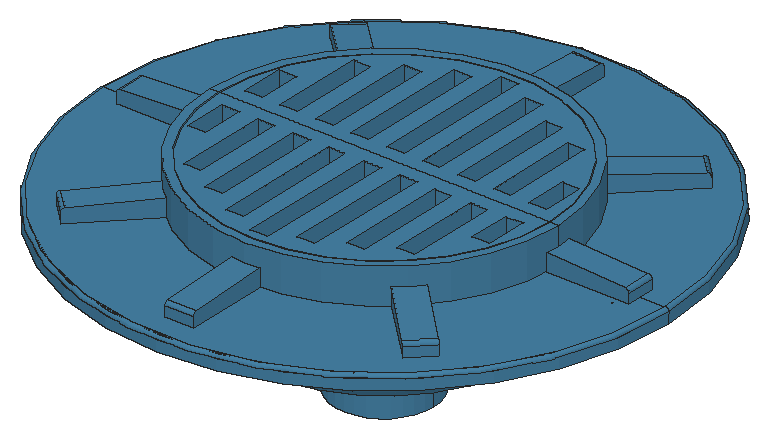
Revit family "Drain_Deck_Parking_Zurn-Z534-Heavy-Duty", category Plumbing Fixtures, Revit 2022
Family settings
  Round Connector Dimension = Use Radius
  Part Type = Normal
  OmniClass Number = 23.45.55.21
  OmniClass Title = Drains (Wastes)
  Work Plane-Based = No
  Always vertical = Yes
  Cut with Voids When Loaded = No
  Maintain Annotation Orientation = No
  Shared = No
  Room Calculation Point = No
Parameters (values of type "Load Family Catalog")
  ZN-Top = no
  Waste Connection = 1 = 1  # yes
  WFU = 0  # constant formula
  Vent Connection = 1 = 0  # no
  URL = "www.zurn.com"
  Type Comments = "Z534-3 Inch Inside Caulk Outlet"
  Trap Primer = 1 = 1  # yes
  Top diameter = 12.250"
  Top Grate diameter = Top diameter - 1.000"  # 11.250"
  Grate Open Area (Sq. In) = "30"
  Grate Material = Iron - Zurn - Cast - Painted - Blue
  Product data url = "https://www.bimobject.com/en-in/zurnindustries/product/zurn-z534"
  Product Page URL = "https://www.zurn.com/products/drainage-interceptors/floor-drains/parking-deck/z534"
  Product Installation Sheet URL = "https://files.zurn.com/care-cleaning-install-warranty-sheets/fd20-(1).pdf"
  Product Documentation Link = "https://files.zurn.com/spec-sheets/z534.pdf"
  Frame Height = 2.188"
  Connector Radius = [A_ Pipe Size (Nominal)] / 2  # 1.500"
  Model = "Z534-3IC"
  Main Material = Iron - Zurn - Cast - Painted - Blue
  HWFU = 0  # constant formula
  HW Connection = 1 = 0  # no
  Description = "12-1/4 [311] DIAMETER HEAVY-DUTY PARKING DECK DRAIN WITH SUPPORT FLANGE"  # constant formula
  CWFU = 0  # constant formula
  CW Connection = 1 = 0  # no
  Assembly Code = "D2030300"
  A_ Pipe Size (Nominal) = 3.000"
  A_ Pipe Size (Actual-Outer) = 3.500"
  A_ Pipe Size (Actual-Inner) = 3.068"
  Modified Date = "12/08/2025"  # constant formula
  Manufacurer Brand = "Zurn"  # constant formula
  Manufacturer = "Zurn Water, LLC"  # constant formula
  E_ Body Height = 5.250"
  Default Elevation = 4.000"  # constant formula
  Date Created = "01/05/2017"  # constant formula
  Approx. Weight (Lbs) = 78.000"
Reference planes (in)
  plane 1 "Center (Front/Back)": y = 0
  plane 2 "Top Level": z = -2.188
  plane 3 "Center (Left/Right)": x = 0
  plane 4: through (-4.38902, 4.38902, 48) normal (0.7071, 0.7071, 0)
  plane 5: through (4.7432, 4.7432, 48) normal (0.7071, -0.7071, 0)
  plane 6: x = -7.5
  plane 7: x = 7.5
  plane 8: x = -6.125
  plane 9: x = 6.125
  plane 10: x = -5.8125
  plane 11: x = 5.8125
  plane 12: x = -5.6875
  plane 13: x = 5.6875
  plane 14: z = -0.313
  plane 15: z = -0.813
  plane 16: x = -7.25
  plane 17: x = 7.25
  plane 18: x = -6
  plane 19: x = -1.75
  plane 20: x = 1.75
  plane 21: x = -1.534
  plane 22: x = 1.534
  plane 23: z = -4.7505
  plane 24: z = -5.0005
  plane 25: x = -5.4375
  plane 26: z = -7.438
  plane 27: z = -2.438
  plane 28: z = -0.188
  plane 29: y = 0.5
  plane 30: y = 5.5
  plane 31: y = 5
  plane 32: y = 3.75
  plane 33: y = 2
  plane 34: y = 4.375
  plane 35: y = -0.5
  plane 36: y = -3.75
  plane 37: y = -4.375
  plane 38: y = -5.5
  plane 39: y = -5
  plane 40: y = -2
  plane 41: x = -0.3125
  plane 42: x = -0.9375
  plane 43: x = -1.5625
  plane 44: x = -2.1875
  plane 45: x = -2.8125
  plane 46: x = -3.4375
  plane 47: x = -4.0625
  plane 48: x = -4.6875
  plane 49: x = -5.3125
  plane 50: x = 0.3125
  plane 51: x = 0.9375
  plane 52: x = 1.5625
  plane 53: x = 2.1875
  plane 54: x = 2.8125
  plane 55: x = 3.4375
  plane 56: x = 4.0625
  plane 57: x = 4.6875
  plane 58: x = 5.3125
  plane 59: y = 1.75
  plane 60: y = -1.75
  plane 61: x = -6.125
  plane 62: x = 6.125
  plane 63: y = 6.125
  plane 64: y = -6.125
  plane 65: x = -10
  plane 66: x = 10
  plane 67: x = -9
  plane 68: x = 9
  plane 69: x = -8
  plane 70: x = 8
  plane 71: z = -1.438
  plane 72: z = -1.938
Forms (in)
  Revolve 1, solid, material "Iron - Zurn - Cast - Painted - Blue" <- "Main Material", detail levels fine
    sketch origin (0, 0, 0) x (1, 0, 0) y (0, 0, 1)
      loop
        line (-7.5, -2.188) -> (-7.5, -2.438) -> (-7.27407, -2.438) -> (-6.12272, -2.6618)
        arc (-6.12272, -2.6618) -> (-5.77751, -2.85711) -> (-5.61935, -3.22085) r 0.625
        line (-5.61935, -3.22085) -> (-5.54351, -4.08766)
        arc (-5.54351, -4.08766) -> (-5.22291, -4.73778) -> (-4.54732, -5.0005) r 1
        line (-4.54732, -5.0005) -> (-2.25, -5.0005)
        arc (-2.25, -5.0005) -> (-1.89645, -5.14695) -> (-1.75, -5.5005) r 0.5
        line (-1.75, -5.5005) -> (-1.75, -7.438) -> (-1.534, -7.438) -> (-1.534, -4.7505) -> (-4.54732, -4.7505)
        arc (-4.54732, -4.7505) -> (-5.05401, -4.55346) -> (-5.29447, -4.06587) r 0.75
        line (-5.29447, -4.06587) -> (-5.4375, -2.43098) -> (-6, -2.43098) -> (-7.25, -2.188) -> (-7.5, -2.188)
      axis (0, -7.438) -> (0, -2.188)
    angle from 0 to 360
  Revolve 2, solid, material "Iron - Zurn - Cast - Painted - Blue" <- "Main Material", detail levels fine
    sketch origin (0, 0, 0) x (1, 0, 0) y (0, 0, 1)
      loop
        line (-6.125, -0.188) -> (-6.125, -1.438) -> (-9.875, -1.438)
        arc (-9.875, -1.438) -> (-9.96339, -1.47461) -> (-10, -1.563) r 0.125
        line (-10, -1.563) -> (-10, -1.938) -> (-8.1, -1.938)
        arc (-8.1, -1.938) -> (-8.02929, -1.96729) -> (-8, -2.038) r 0.1
        line (-8, -2.038) -> (-8, -2.088)
        arc (-8, -2.088) -> (-7.97071, -2.15871) -> (-7.9, -2.188) r 0.1
        line (-7.9, -2.188) -> (-6.125, -2.188) -> (-6.125, -2.438) -> (-5.3125, -2.438) -> (-5.3125, -1.438) -> (-5.8125, -1.438) -> (-5.8125, -0.188) -> (-6.125, -0.188)
      axis (0, -0.188) -> (0, -2.438)
    angle from 0 to 360
  Revolve 3, solid, material "Iron - Zurn - Cast - Painted - Blue" <- "Grate Material", detail levels fine
    sketch origin (0, 0, 0) x (1, 0, 0) y (0, 0, 1)
      loop
        line (0, -0.188) -> (0, -0.813) -> (5.8125, -0.813) -> (5.8125, -0.188) -> (0, -0.188)
      axis (0, -0.188) -> (0, -0.813)
    angle from 0 to 360
  Revolve 4, solid, material "Iron - Zurn - Cast - Painted - Blue" <- "Grate Material", visible <- "ZN-Top", detail levels fine
    sketch origin (0, 0, 0) x (1, 0, 0) y (0, 0, 1)
      loop
        line (0, -0.188) -> (6.125, -0.188) -> (6.125, -0.813) -> (6.5, -0.813) -> (6.5, -0.0005) -> (0, -0.0005) -> (0, -0.188)
      axis (0, -0.0005) -> (0, -0.813)
    angle from 0 to 360
  Extrusion 5, void
    sketch origin (0, 0, -2.188) x (1, 0, 0) y (0, 1, 0)
      loop
        line (-0.3125, 5.5) -> (-0.3125, 0.5) -> (0.3125, 0.5) -> (0.3125, 5.5) -> (-0.3125, 5.5)
      loop
        line (2.1875, 4.375) -> (2.1875, 0.5) -> (2.8125, 0.5) -> (2.8125, 4.375) -> (2.1875, 4.375)
      loop
        line (3.4375, 3.75) -> (3.4375, 0.5) -> (4.0625, 0.5) -> (4.0625, 3.75) -> (3.4375, 3.75)
      loop
        line (4.6875, 2) -> (4.6875, 0.5) -> (5.3125, 0.5) -> (5.3125, 2) -> (4.6875, 2)
      loop
        line (-2.8125, 4.375) -> (-2.8125, 0.5) -> (-2.1875, 0.5) -> (-2.1875, 4.375) -> (-2.8125, 4.375)
      loop
        line (-4.0625, 3.75) -> (-4.0625, 0.5) -> (-3.4375, 0.5) -> (-3.4375, 3.75) -> (-4.0625, 3.75)
      loop
        line (-5.3125, 2) -> (-5.3125, 0.5) -> (-4.6875, 0.5) -> (-4.6875, 2) -> (-5.3125, 2)
      loop
        line (-1.5625, 5) -> (-1.5625, 0.5) -> (-0.9375, 0.5) -> (-0.9375, 5) -> (-1.5625, 5)
      loop
        line (0.9375, 5) -> (0.9375, 0.5) -> (1.5625, 0.5) -> (1.5625, 5) -> (0.9375, 5)
      loop
        line (-5.3125, -0.5) -> (-5.3125, -2) -> (-4.6875, -2) -> (-4.6875, -0.5) -> (-5.3125, -0.5)
      loop
        line (-4.0625, -0.5) -> (-4.0625, -3.75) -> (-3.4375, -3.75) -> (-3.4375, -0.5) -> (-4.0625, -0.5)
      loop
        line (-2.8125, -0.5) -> (-2.8125, -4.375) -> (-2.1875, -4.375) -> (-2.1875, -0.5) -> (-2.8125, -0.5)
      loop
        line (-1.5625, -0.5) -> (-1.5625, -5) -> (-0.9375, -5) -> (-0.9375, -0.5) -> (-1.5625, -0.5)
      loop
        line (-0.3125, -0.5) -> (-0.3125, -5.5) -> (0.3125, -5.5) -> (0.3125, -0.5) -> (-0.3125, -0.5)
      loop
        line (0.9375, -0.5) -> (0.9375, -5) -> (1.5625, -5) -> (1.5625, -0.5) -> (0.9375, -0.5)
      loop
        line (2.1875, -0.5) -> (2.1875, -4.375) -> (2.8125, -4.375) -> (2.8125, -0.5) -> (2.1875, -0.5)
      loop
        line (3.4375, -0.5) -> (3.4375, -3.75) -> (4.0625, -3.75) -> (4.0625, -0.5) -> (3.4375, -0.5)
      loop
        line (4.6875, -0.5) -> (4.6875, -2) -> (5.3125, -2) -> (5.3125, -0.5) -> (4.6875, -0.5)
    from 1.375 to 2.1875
  Extrusion 6, solid, material "Iron - Zurn - Cast - Painted - Blue" <- "Main Material", visible <- "Waste Connection", detail levels fine
    sketch origin (0, 0, 0) x (1, 0, 0) y (0, 0, 1)
      loop
        line (5.8125, -0.813) -> (5.8125, -1.438) -> (9, -1.438) -> (9, -1.09908)
        arc (9, -1.09908) -> (8.96397, -1.00889) -> (8.87573, -0.96834) r 0.1309
        line (8.87573, -0.96834) -> (5.8125, -0.813)
    from -0.5 to 0.5
  Extrusion 7, solid, material "Iron - Zurn - Cast - Painted - Blue" <- "Main Material", visible <- "Waste Connection", detail levels fine
    sketch origin (0, 0, 0) x (0.707107, -0.707107, 0) y (0, 0, 1)
      loop
        line (5.8125, -0.813) -> (5.8125, -1.438) -> (9, -1.438) -> (9, -1.09908)
        arc (9, -1.09908) -> (8.96397, -1.00889) -> (8.87573, -0.96834) r 0.1309
        line (8.87573, -0.96834) -> (5.8125, -0.813)
    from -0.5 to 0.5
  Extrusion 8, solid, material "Iron - Zurn - Cast - Painted - Blue" <- "Main Material", visible <- "Waste Connection", detail levels fine
    sketch origin (0, 0, 0) x (0.707107, 0.707107, 0) y (0, 0, 1)
      loop
        line (5.8125, -0.813) -> (5.8125, -1.438) -> (9, -1.438) -> (9, -1.09908)
        arc (9, -1.09908) -> (8.96397, -1.00889) -> (8.87573, -0.96834) r 0.1309
        line (8.87573, -0.96834) -> (5.8125, -0.813)
    from -0.5 to 0.5
  Extrusion 9, solid, material "Iron - Zurn - Cast - Painted - Blue" <- "Main Material", visible <- "Waste Connection", detail levels fine
    sketch origin (0, 0, 0) x (0, 1, 0) y (0, 0, 1)
      loop
        line (5.8125, -0.813) -> (5.8125, -1.438) -> (9, -1.438) -> (9, -1.09908)
        arc (9, -1.09908) -> (8.96397, -1.00889) -> (8.87573, -0.96834) r 0.1309
        line (8.87573, -0.96834) -> (5.8125, -0.813)
    from -0.5 to 0.5
  Extrusion 10, solid, material "Iron - Zurn - Cast - Painted - Blue" <- "Main Material", visible <- "Waste Connection", detail levels fine
    sketch origin (0, 0, 0) x (-0.707107, 0.707107, 0) y (0, 0, 1)
      loop
        line (5.8125, -0.813) -> (5.8125, -1.438) -> (9, -1.438) -> (9, -1.09908)
        arc (9, -1.09908) -> (8.96397, -1.00889) -> (8.87573, -0.96834) r 0.1309
        line (8.87573, -0.96834) -> (5.8125, -0.813)
    from -0.5 to 0.5
  Extrusion 11, solid, material "Iron - Zurn - Cast - Painted - Blue" <- "Main Material", visible <- "Waste Connection", detail levels fine
    sketch origin (0, 0, 0) x (-1, 0, 0) y (0, 0, 1)
      loop
        line (5.8125, -0.813) -> (5.8125, -1.438) -> (9, -1.438) -> (9, -1.09908)
        arc (9, -1.09908) -> (8.96397, -1.00889) -> (8.87573, -0.96834) r 0.1309
        line (8.87573, -0.96834) -> (5.8125, -0.813)
    from -0.5 to 0.5
  Extrusion 12, solid, material "Iron - Zurn - Cast - Painted - Blue" <- "Main Material", visible <- "Waste Connection", detail levels fine
    sketch origin (0, 0, 0) x (-0.707107, -0.707107, 0) y (0, 0, 1)
      loop
        line (5.8125, -0.813) -> (5.8125, -1.438) -> (9, -1.438) -> (9, -1.09908)
        arc (9, -1.09908) -> (8.96397, -1.00889) -> (8.87573, -0.96834) r 0.1309
        line (8.87573, -0.96834) -> (5.8125, -0.813)
    from -0.5 to 0.5
  Extrusion 13, solid, material "Iron - Zurn - Cast - Painted - Blue" <- "Main Material", visible <- "Waste Connection", detail levels fine
    sketch origin (0, 0, 0) x (0, -1, 0) y (0, 0, 1)
      loop
        line (5.8125, -0.813) -> (5.8125, -1.438) -> (9, -1.438) -> (9, -1.09908)
        arc (9, -1.09908) -> (8.96397, -1.00889) -> (8.87573, -0.96834) r 0.1309
        line (8.87573, -0.96834) -> (5.8125, -0.813)
    from -0.5 to 0.5
Cuts and joins
  Extrusion 5 cuts Revolve 2
  Extrusion 5 cuts Revolve 3
  Extrusion 5 cuts Revolve 4
Lines and regions (in)
  Masking region 1, detail levels fine
    outline origin (0, 0, -2.188) x (1, 0, 0) y (0, 1, 0)
      loop
        circle (0, 0) r 10
  model lines, detail levels coarse+medium
    curve 1: line (0, 0, 0) -> (0, 0, -7.438)
    curve 2: line (-1.75, 0, -7.438) -> (1.75, 0, -7.438)
    curve 3: line (0, 1.75, -7.438) -> (0, -1.75, -7.438)
    curve 4: circle (0, 0, 0) r 5.625 normal (0, 0, 1)
    curve 5: line (-4.6875, 3.10934, 0) -> (-4.6875, -3.10934, 0)
    curve 6: line (-3.4375, 4.45244, 0) -> (-3.4375, -4.45244, 0)
    curve 7: line (-2.1875, 5.18223, 0) -> (-2.1875, -5.18223, 0)
    curve 8: line (0, 5.625, 0) -> (0, -5.625, 0)
    curve 9: line (4.6875, 3.10934, 0) -> (4.6875, -3.10934, 0)
    curve 10: line (3.4375, 4.45244, 0) -> (3.4375, -4.45244, 0)
    curve 11: line (2.1875, -5.18223, 0) -> (2.1875, 5.18223, 0)
    curve 12: line (0.9375, 5.54632, 0) -> (0.9375, -5.54632, 0)
    curve 13: line (-0.9375, 5.54632, 0) -> (-0.9375, -5.54632, 0)
    curve 14: line (-2.57694, 5, 0) -> (2.57694, 5, 0)
    curve 15: line (-4.19263, 3.75, 0) -> (4.19263, 3.75, 0)
    curve 16: line (-5.25744, 2, 0) -> (5.25744, 2, 0)
    curve 17: line (-5.625, 0, 0) -> (5.625, 0, 0)
    curve 18: line (-5.5354, 1, 0) -> (5.5354, 1, 0)
    curve 19: line (-4.83477, 2.875, 0) -> (4.83477, 2.875, 0)
    curve 20: line (-5.5354, -1, 0) -> (5.5354, -1, 0)
    curve 21: line (-5.25744, -2, 0) -> (5.25744, -2, 0)
    curve 22: line (-4.83477, -2.875, 0) -> (4.83477, -2.875, 0)
    curve 23: line (-4.19263, -3.75, 0) -> (4.19263, -3.75, 0)
    curve 24: line (-2.57694, -5, 0) -> (2.57694, -5, 0)
    curve 25: circle (0, 0, 0) r 6.125 normal (0, 0, 1)
Dimensions and locks (in)
  locked: plane 3 "Center (Left/Right)" to plane 4
  locked: plane 5 to plane 4
  level to plane 2 "Top Level" = 2.188"
  equal spacing: plane 7, plane 3 "Center (Left/Right)", plane 6, locked at 7.5 each
  locked: plane 7 to plane 6 at 15
  equal spacing: plane 9, plane 3 "Center (Left/Right)", plane 8, locked at 6.125 each
  locked: plane 9 to plane 8 at 12.25
  locked: plane 10 to plane 8 at 0.3125
  locked: plane 9 to plane 11 at 0.3125
  locked: plane 12 to plane 8 at 0.4375
  locked: plane 9 to plane 13 at 0.4375
  locked: plane 16 to plane 6 at 0.25
  locked: plane 7 to plane 17 at 0.25
  locked: plane 18 to plane 6 at 1.5
  equal spacing: plane 19, plane 3 "Center (Left/Right)", plane 20
  "A_ Pipe Size (Actual-Outer)": plane 19 to plane 20
  equal spacing: plane 22, plane 3 "Center (Left/Right)", plane 21
  "A_ Pipe Size (Actual-Inner)": plane 22 to plane 21
  locked: plane 2 "Top Level" to plane 23 at 2.5625
  locked: plane 23 to plane 24 at 0.25
  locked: plane 25 to plane 6 at 2.0625
  "E_ Body Height": plane 2 "Top Level" to plane 26
  locked: plane 2 "Top Level" to plane 27 at 0.25
  locked: Revolve 1 sketch curve to Revolve 1 sketch curve at 0.25  (x2)
  locked: plane 3 "Center (Left/Right)" to Revolve 1 sketch curve at 6.24197
  locked: plane 2 "Top Level" to Revolve 1 sketch curve at 1.08732
  plane 25 to Revolve 1 sketch curve = 0.89018"
  Revolve 1 sketch curve to plane 24 = 1.000"
  locked: Revolve 1 sketch curve to plane 19 at 0.5
  locked: plane 24 to Revolve 1 sketch curve at 0.5
  locked: plane 28 to plane 14 at 0.125
  locked: plane 28 to plane 15 at 0.625
  locked: plane 28 to plane 2 "Top Level" at 2
  locked: Revolve 4 sketch curve to plane 9 at 0.375
  locked: Revolve 4 sketch curve to plane 28 at 0.1875
  "Frame Height": level to plane 2 "Top Level"
  locked: plane 1 "Center (Front/Back)" to plane 29 at 0.5
  locked: plane 30 to plane 1 "Center (Front/Back)" at 5.5
  plane 30 to plane 31 = 0.500"
  locked: plane 32 to plane 33 at 1.75
  locked: plane 34 to plane 31 at 0.625
  plane 40 to plane 36 = 1.750"
  plane 36 to plane 37 to plane 39 to plane 38 = 0.625" locked, 0.625" locked, 0.500" locked
  locked: plane 38 to plane 1 "Center (Front/Back)" at 5.5
  locked: plane 1 "Center (Front/Back)" to plane 35 at 0.5
  plane 46 to plane 45 to plane 44 to plane 43 to plane 42 to plane 41 = 0.625" locked, 0.625" locked, 0.625" locked, 0.625" locked, 0.625" locked
  locked: plane 41 to plane 3 "Center (Left/Right)" at 0.3125
  plane 49 to plane 48 to plane 47 to plane 46 = 0.625" locked, 0.625" locked, 0.625" locked
  plane 55 to plane 54 to plane 53 to plane 52 to plane 51 to plane 50 = 0.625" locked, 0.625" locked, 0.625" locked, 0.625" locked, 0.625" locked
  plane 58 to plane 57 to plane 56 to plane 55 = 0.625" locked, 0.625" locked, 0.625" locked
  locked: plane 41 to plane 50 at 0.625
  locked: plane 34 to plane 32 at 0.625
  "A_ Pipe Size (Actual-Outer)": plane 59 to plane 60
  equal spacing: plane 59, plane 1 "Center (Front/Back)", plane 60
  "Top diameter": plane 62 to plane 61
  equal spacing: plane 62, plane 3 "Center (Left/Right)", plane 61
  "Top diameter": plane 63 to plane 64
  equal spacing: plane 63, plane 1 "Center (Front/Back)", plane 64
  locked: plane 1 "Center (Front/Back)" to curve 18 at 1
  locked: curve 19 to plane 33 at 0.875
  locked: curve 20 to plane 1 "Center (Front/Back)" at 1
  locked: curve 22 to plane 40 at 0.875
  equal spacing: plane 66, plane 3 "Center (Left/Right)", plane 65
  locked: plane 66 to plane 65 at 20
  locked: plane 67 to plane 65 at 1
  locked: plane 66 to plane 68 at 1
  locked: plane 69 to plane 67 at 1
  locked: plane 68 to plane 70 at 1
  locked: plane 72 to plane 2 "Top Level" at 0.25
  plane 71 to plane 72 = 0.500"
  radius of Revolve 1 sketch curve = 0.625"
  radius of Revolve 1 sketch curve = 0.750"
  radius of Revolve 1 sketch curve = 1.000"  (x2)
  radius of Revolve 1 sketch curve = 0.500"
  diameter of Masking region 1 sketch curve = 20.000"
  "Top diameter": diameter of curve 25
  "Top Grate diameter": diameter of curve 4
  angle Revolve 1 sketch curve to Revolve 1 sketch curve = 95.00°
  angle Revolve 1 sketch curve to plane 2 "Top Level" = 11.00°
  aligned and locked: Revolve 1 sketch curve to plane 6
  aligned and locked: plane 16 to Revolve 1 sketch curve
  aligned and locked: Revolve 1 sketch curve to plane 2 "Top Level"
  aligned and locked: Revolve 1 sketch curve to plane 23
  aligned and locked: Revolve 1 sketch curve to plane 19
  aligned and locked: Revolve 1 sketch curve to plane 21
  aligned and locked: plane 23 to Revolve 1 sketch curve
  aligned and locked: plane 3 "Center (Left/Right)" to Revolve 1 sketch curve
  aligned and locked: plane 26 to Revolve 1 sketch curve
  aligned and locked: Revolve 1 sketch curve to plane 27
  aligned and locked: plane 18 to Revolve 1 sketch curve
  aligned and locked: plane 25 to Revolve 1 sketch curve
  aligned and locked: plane 8 to Revolve 2 sketch curve
  aligned and locked: Revolve 2 sketch curve to plane 10
  aligned and locked: Revolve 2 sketch curve to plane 28
  aligned and locked: level to Revolve 2 sketch curve
  aligned and locked: Revolve 2 sketch curve to Revolve 1
  aligned and locked: Revolve 2 sketch curve to plane 3 "Center (Left/Right)"
  aligned and locked: Revolve 3 sketch curve to plane 3 "Center (Left/Right)"  (x2)
  aligned and locked: Revolve 3 sketch curve to plane 15
  aligned and locked: plane 11 to Revolve 3 sketch curve
  aligned and locked: plane 28 to Revolve 3 sketch curve
  aligned and locked: level to Revolve 3 sketch curve
  aligned and locked: Revolve 3 sketch curve to Revolve 1
  aligned and locked: Revolve 4 sketch curve to plane 15
  aligned and locked: Revolve 4 sketch curve to plane 3 "Center (Left/Right)"  (x2)
  aligned and locked: Revolve 4 sketch curve to plane 28
  aligned and locked: Revolve 4 sketch curve to plane 9
  aligned and locked: level to Revolve 4 sketch curve
  aligned and locked: Revolve 4 sketch curve to Revolve 1
  aligned and locked: plane 29 to Extrusion 5 sketch curve  (x9)
  aligned and locked: plane 49 to Extrusion 5 sketch curve  (x2)
  aligned and locked: plane 48 to Extrusion 5 sketch curve  (x2)
  aligned and locked: Extrusion 5 sketch curve to plane 33  (x2)
  aligned and locked: plane 47 to Extrusion 5 sketch curve  (x2)
  aligned and locked: Extrusion 5 sketch curve to plane 46  (x2)
  aligned and locked: Extrusion 5 sketch curve to plane 32  (x2)
  aligned and locked: Extrusion 5 sketch curve to plane 45  (x2)
  aligned and locked: Extrusion 5 sketch curve to plane 44  (x2)
  aligned and locked: plane 34 to Extrusion 5 sketch curve  (x2)
  aligned and locked: Extrusion 5 sketch curve to plane 30
  aligned and locked: plane 41 to Extrusion 5 sketch curve  (x2)
  aligned and locked: plane 50 to Extrusion 5 sketch curve  (x2)
  aligned and locked: Extrusion 5 sketch curve to plane 53  (x2)
  aligned and locked: Extrusion 5 sketch curve to plane 54  (x2)
  aligned and locked: Extrusion 5 sketch curve to plane 55  (x2)
  aligned and locked: plane 56 to Extrusion 5 sketch curve  (x2)
  aligned and locked: plane 57 to Extrusion 5 sketch curve  (x2)
  aligned and locked: plane 58 to Extrusion 5 sketch curve  (x2)
  aligned and locked: Extrusion 5 sketch curve to plane 43  (x2)
  aligned and locked: Extrusion 5 sketch curve to plane 42  (x2)
  aligned and locked: Extrusion 5 sketch curve to plane 31  (x2)
  aligned and locked: Extrusion 5 sketch curve to plane 51  (x2)
  aligned and locked: Extrusion 5 sketch curve to plane 52  (x2)
  aligned and locked: Extrusion 5 sketch curve to plane 35  (x9)
  aligned and locked: Extrusion 5 sketch curve to plane 40  (x2)
  aligned and locked: plane 36 to Extrusion 5 sketch curve  (x2)
  aligned and locked: plane 37 to Extrusion 5 sketch curve  (x2)
  aligned and locked: Extrusion 5 sketch curve to plane 39  (x2)
  aligned and locked: Extrusion 5 sketch curve to plane 38
  aligned and locked: Extrusion 5 to plane 15
  aligned and locked: cut or joined group of Revolve 4, Extrusion 5 to Extrusion 5
  aligned and locked: plane 19 to curve 2
  aligned and locked: plane 20 to curve 2
  aligned and locked: curve 2 to plane 26
  aligned and locked: level to curve 1
  aligned and locked: plane 26 to curve 1
  aligned and locked: curve 1 to plane 3 "Center (Left/Right)"
  aligned and locked: curve 3 to plane 59
  aligned and locked: plane 60 to curve 3
  aligned and locked: curve 3 to plane 26
  aligned and locked: plane 1 "Center (Front/Back)" to Masking region 1 sketch curve
  aligned and locked: plane 3 "Center (Left/Right)" to Masking region 1 sketch curve
  aligned and locked: plane 48 to curve 5
  aligned and locked: curve 6 to plane 46
  aligned and locked: curve 7 to plane 44
  aligned and locked: curve 8 to plane 3 "Center (Left/Right)"
  aligned and locked: curve 9 to plane 57
  aligned and locked: plane 55 to curve 10
  aligned and locked: curve 11 to plane 53
  aligned and locked: plane 51 to curve 12
  aligned and locked: curve 13 to plane 42
  aligned and locked: curve 14 to plane 31
  aligned and locked: curve 15 to plane 32
  aligned and locked: curve 16 to plane 33
  aligned and locked: plane 1 "Center (Front/Back)" to curve 17
  aligned and locked: plane 40 to curve 21
  aligned and locked: curve 23 to plane 36
  aligned and locked: plane 39 to curve 24
  aligned and locked: Revolve 2 sketch curve to plane 71  (x2)
  aligned and locked: plane 65 to Revolve 2 sketch curve
  aligned and locked: Revolve 2 sketch curve to plane 49
  aligned and locked: Revolve 2 sketch curve to plane 2 "Top Level"
  aligned and locked: Revolve 2 sketch curve to plane 69
  aligned and locked: Revolve 2 sketch curve to plane 61
  aligned and locked: Revolve 2 sketch curve to plane 27
  aligned and locked: Extrusion 6 to plane 29
  aligned and locked: Extrusion 6 to plane 35
  aligned and locked: plane 1 "Center (Front/Back)" to curve 25
  aligned and locked: plane 3 "Center (Left/Right)" to curve 25
Automatic sketch dimensions
  Revolve 1 sketch curve to level = 0.000"
  Revolve 1 sketch curve to plane 26 = 1.42324"
  Revolve 2 sketch curve to plane 72 = 0.000"
  plane 65 to Revolve 2 sketch curve = 0.125"
  Revolve 2 sketch curve to Revolve 2 sketch curve = 0.100"
  plane 69 to Revolve 2 sketch curve = 0.100"
  Extrusion 6 sketch curve to Extrusion 6 sketch curve = 0.00663"
  Extrusion 6 sketch curve to Extrusion 6 sketch curve = 3.0566"
  Extrusion 6 sketch curve to Extrusion 6 sketch curve = 0.33892"
  Extrusion 7 sketch curve to Extrusion 7 sketch curve = 0.00663"
  Extrusion 7 sketch curve to Extrusion 7 sketch curve = 3.0566"
  Extrusion 7 sketch curve to Extrusion 7 sketch curve = 0.33892"
  Extrusion 8 sketch curve to Extrusion 8 sketch curve = 0.00663"
  Extrusion 8 sketch curve to Extrusion 8 sketch curve = 3.0566"
  Extrusion 8 sketch curve to Extrusion 8 sketch curve = 0.33892"
  Extrusion 9 sketch curve to Extrusion 9 sketch curve = 0.00663"
  Extrusion 9 sketch curve to Extrusion 9 sketch curve = 3.0566"
  Extrusion 9 sketch curve to Extrusion 9 sketch curve = 0.33892"
  Extrusion 10 sketch curve to Extrusion 10 sketch curve = 0.00663"
  Extrusion 10 sketch curve to Extrusion 10 sketch curve = 3.0566"
  Extrusion 10 sketch curve to Extrusion 10 sketch curve = 0.33892"
  Extrusion 11 sketch curve to Extrusion 11 sketch curve = 0.00663"
  Extrusion 11 sketch curve to Extrusion 11 sketch curve = 3.0566"
  Extrusion 11 sketch curve to Extrusion 11 sketch curve = 0.33892"
  Extrusion 12 sketch curve to Extrusion 12 sketch curve = 0.00663"
  Extrusion 12 sketch curve to Extrusion 12 sketch curve = 3.0566"
  Extrusion 12 sketch curve to Extrusion 12 sketch curve = 0.33892"
  Extrusion 13 sketch curve to Extrusion 13 sketch curve = 0.00663"
  Extrusion 13 sketch curve to Extrusion 13 sketch curve = 3.0566"
  Extrusion 13 sketch curve to Extrusion 13 sketch curve = 0.33892"
  Extrusion 6 sketch curve to Extrusion 6 sketch curve = 0.1309"
  Extrusion 7 sketch curve to Extrusion 7 sketch curve = 0.1309"
  Extrusion 8 sketch curve to Extrusion 8 sketch curve = 0.1309"
  Extrusion 9 sketch curve to Extrusion 9 sketch curve = 0.1309"
  Extrusion 10 sketch curve to Extrusion 10 sketch curve = 0.1309"
  Extrusion 11 sketch curve to Extrusion 11 sketch curve = 0.1309"
  Extrusion 12 sketch curve to Extrusion 12 sketch curve = 0.1309"
  Extrusion 13 sketch curve to Extrusion 13 sketch curve = 0.1309"
  curve 4 to curve 25 = 0.000"  (x2)
Connectors (in)
  piping at (0, 0, -7.438), diameter 3, driven by "Connector Radius", driven by "Waste Connection"
    settings: on Revolve 1, index 1, connector inside diameter 24", connector length 0.000", flow factor 0, pipe flow 0 GPM, pressure drop 0.00 psi, fitting loss kfactor 0, connector angle 0.00°, fixture units 0, engagement length 0.000", angle of deflection 0.00°, flow configuration 0, flow direction 2, fitting loss method 0, system type 16, joint type 0, gender type 0, connector reference index -1, connector utility 1, adjustable connector no, is connector primary yes, connector description "Sanitary Outlet"
Types in the file's own list only (48): name | ZN-Top | Type Comments | Top diameter | Top Grate diameter | Grate Material | Frame Height | Connector Radius | Model | A_ Pipe Size (Nominal) | A_ Pipe Size (Actual-Outer) | A_ Pipe Size (Actual-Inner) | E_ Body Height | Default Elevation | Approx. Weight (Lbs)
  Z534-3IC | No | "Z534-3 Inch Inside Caulk Outlet" | 12.250 " | 11.250 " | Iron - Zurn - Cast - Painted - Blue | 2.000 " | 1.500 " | "Z534-3IC" | 3.000 " | 3.500 " | 3.068 " | 5.250 " | 4.000 " | 78.000 "
  Z534-4IC | No | "Z534-4 Inch Inside Caulk Outlet" | 12.250 " | 11.250 " | Iron - Zurn - Cast - Painted - Blue | 2.000 " | 2.000 " | "Z534-4IC" | 4.000 " | 4.500 " | 4.026 " | 5.250 " | 4.000 " | 78.000 "
  Z534-6IC | No | "Z534-6 Inch Inside Caulk Outlet" | 12.250 " | 11.250 " | Iron - Zurn - Cast - Painted - Blue | 2.000 " | 3.000 " | "Z534-6IC" | 6.000 " | 6.625 " | 6.065 " | 5.250 " | 4.000 " | 78.000 "
  Z534-2IP | No | "Z534-2 Inch Threaded Outlet" | 12.250 " | 11.250 " | Iron - Zurn - Cast - Painted - Blue | 2.000 " | 1.000 " | "Z534-2IP" | 2.000 " | 2.375 " | 2.067 " | 3.750 " | 4.000 " | 78.000 "
  Z534-3IP | No | "Z534-3 Inch Threaded Outlet" | 12.250 " | 11.250 " | Iron - Zurn - Cast - Painted - Blue | 2.000 " | 1.500 " | "Z534-3IP" | 3.000 " | 3.500 " | 3.068 " | 3.750 " | 4.000 " | 78.000 "
  Z534-4IP | No | "Z534-4 Inch Threaded Outlet" | 12.250 " | 11.250 " | Iron - Zurn - Cast - Painted - Blue | 2.000 " | 2.000 " | "Z534-4IP" | 4.000 " | 4.500 " | 4.026 " | 3.750 " | 4.000 " | 78.000 "
  Z534-6IP | No | "Z534-6 Inch Threaded Outlet" | 12.250 " | 11.250 " | Iron - Zurn - Cast - Painted - Blue | 2.000 " | 3.000 " | "Z534-6IP" | 6.000 " | 6.625 " | 6.065 " | 3.750 " | 4.000 " | 78.000 "
  Z534-8IP | No | "Z534-8 Inch Threaded Outlet" | 12.250 " | 11.250 " | Iron - Zurn - Cast - Painted - Blue | 2.000 " | 4.000 " | "Z534-8IP" | 8.000 " | 8.625 " | 7.981 " | 3.750 " | 4.000 " | 80.000 "
  Z534-2NH | No | "Z534-2 Inch No-Hub Outlet" | 12.250 " | 11.250 " | Iron - Zurn - Cast - Painted - Blue | 2.000 " | 1.000 " | "Z534-2NH" | 2.000 " | 2.375 " | 2.067 " | 5.250 " | 4.000 " | 78.000 "
  Z534-3NH | No | "Z534-3 Inch No-Hub Outlet" | 12.250 " | 11.250 " | Iron - Zurn - Cast - Painted - Blue | 2.000 " | 1.500 " | "Z534-3NH" | 3.000 " | 3.500 " | 3.068 " | 5.250 " | 4.000 " | 78.000 "
  Z534-4NH | No | "Z534-4 Inch No-Hub Outlet" | 12.250 " | 11.250 " | Iron - Zurn - Cast - Painted - Blue | 2.000 " | 2.000 " | "Z534-4NH" | 4.000 " | 4.500 " | 4.026 " | 5.250 " | 4.000 " | 78.000 "
  Z534-6NH | No | "Z534-6 Inch No-Hub Outlet" | 12.250 " | 11.250 " | Iron - Zurn - Cast - Painted - Blue | 2.000 " | 3.000 " | "Z534-6NH" | 6.000 " | 6.625 " | 6.065 " | 5.250 " | 4.000 " | 78.000 "
  Z534-8NH | No | "Z534-8 Inch No-Hub Outlet" | 12.250 " | 11.250 " | Iron - Zurn - Cast - Painted - Blue | 2.000 " | 4.000 " | "Z534-8NH" | 8.000 " | 8.625 " | 7.981 " | 5.250 " | 4.000 " | 78.000 "
  Z534-2NL | No | "Z534-2 Inch Neo-Loc Outlet" | 12.250 " | 11.250 " | Iron - Zurn - Cast - Painted - Blue | 2.000 " | 1.000 " | "Z534-2NL" | 2.000 " | 2.375 " | 2.067 " | 4.625 " | 4.000 " | 78.000 "
  Z534-3NL | No | "Z534-3 Inch Neo-Loc Outlet" | 12.250 " | 11.250 " | Iron - Zurn - Cast - Painted - Blue | 2.000 " | 1.500 " | "Z534-3NL" | 3.000 " | 3.500 " | 3.068 " | 4.625 " | 4.000 " | 78.000 "
  Z534-4NL | No | "Z534-4 Inch Neo-Loc Outlet" | 12.250 " | 11.250 " | Iron - Zurn - Cast - Painted - Blue | 2.000 " | 2.000 " | "Z534-4NL" | 4.000 " | 4.500 " | 4.026 " | 4.625 " | 4.000 " | 78.000 "
  ZN534-3IC | Yes | "ZN534-3 Inch Inside Caulk Outlet with Polished Nickel Bronze Top" | 13.000 " | 12.000 " | Bronze - Zurn - Polished Nickel | 2.188 " | 1.500 " | "ZN534-3IC" | 3.000 " | 3.500 " | 3.068 " | 5.250 " | 4.000 " | 78.000 "
  ZN534-4IC | Yes | "ZN534-4 Inch Inside Caulk Outlet with Polished Nickel Bronze Top" | 13.000 " | 12.000 " | Bronze - Zurn - Polished Nickel | 2.188 " | 2.000 " | "ZN534-4IC" | 4.000 " | 4.500 " | 4.026 " | 5.250 " | 4.000 " | 78.000 "
  ZN534-6IC | Yes | "ZN534-6 Inch Inside Caulk Outlet with Polished Nickel Bronze Top" | 13.000 " | 12.000 " | Bronze - Zurn - Polished Nickel | 2.188 " | 3.000 " | "ZN534-6IC" | 6.000 " | 6.625 " | 6.065 " | 5.250 " | 4.000 " | 78.000 "
  ZN534-2IP | Yes | "ZN534-2 Inch Threaded Outlet with Polished Nickel Bronze Top" | 13.000 " | 12.000 " | Bronze - Zurn - Polished Nickel | 2.188 " | 1.000 " | "ZN534-2IP" | 2.000 " | 2.375 " | 2.067 " | 3.750 " | 4.000 " | 78.000 "
  ZN534-3IP | Yes | "ZN534-3 Inch Threaded Outlet with Polished Nickel Bronze Top" | 13.000 " | 12.000 " | Bronze - Zurn - Polished Nickel | 2.188 " | 1.500 " | "ZN534-3IP" | 3.000 " | 3.500 " | 3.068 " | 3.750 " | 4.000 " | 78.000 "
  ZN534-4IP | Yes | "ZN534-4 Inch Threaded Outlet with Polished Nickel Bronze Top" | 13.000 " | 12.000 " | Bronze - Zurn - Polished Nickel | 2.188 " | 2.000 " | "ZN534-4IP" | 4.000 " | 4.500 " | 4.026 " | 3.750 " | 4.000 " | 78.000 "
  ZN534-6IP | Yes | "ZN534-6 Inch Threaded Outlet with Polished Nickel Bronze Top" | 13.000 " | 12.000 " | Bronze - Zurn - Polished Nickel | 2.188 " | 3.000 " | "ZN534-6IP" | 6.000 " | 6.625 " | 6.065 " | 3.750 " | 4.000 " | 78.000 "
  ZN534-8IP | Yes | "ZN534-8 Inch Threaded Outlet with Polished Nickel Bronze Top" | 13.000 " | 12.000 " | Bronze - Zurn - Polished Nickel | 2.188 " | 4.000 " | "ZN534-8IP" | 8.000 " | 8.625 " | 7.981 " | 3.750 " | 4.000 " | 80.000 "
  ZN534-2NH | Yes | "ZN534-2 Inch No-Hub Outlet with Polished Nickel Bronze Top" | 13.000 " | 12.000 " | Bronze - Zurn - Polished Nickel | 2.188 " | 1.000 " | "ZN534-2NH" | 2.000 " | 2.375 " | 2.067 " | 5.250 " | 4.000 " | 78.000 "
  ZN534-3NH | Yes | "ZN534-3 Inch No-Hub Outlet with Polished Nickel Bronze Top" | 13.000 " | 12.000 " | Bronze - Zurn - Polished Nickel | 2.188 " | 1.500 " | "ZN534-3NH" | 3.000 " | 3.500 " | 3.068 " | 5.250 " | 4.000 " | 78.000 "
  ZN534-4NH | Yes | "ZN534-4 Inch No-Hub Outlet with Polished Nickel Bronze Top" | 13.000 " | 12.000 " | Bronze - Zurn - Polished Nickel | 2.188 " | 2.000 " | "ZN534-4NH" | 4.000 " | 4.500 " | 4.026 " | 5.250 " | 4.000 " | 78.000 "
  ZN534-6NH | Yes | "ZN534-6 Inch No-Hub Outlet with Polished Nickel Bronze Top" | 13.000 " | 12.000 " | Bronze - Zurn - Polished Nickel | 2.188 " | 3.000 " | "ZN534-6NH" | 6.000 " | 6.625 " | 6.065 " | 5.250 " | 4.000 " | 78.000 "
  ZN534-8NH | Yes | "ZN534-8 Inch No-Hub Outlet with Polished Nickel Bronze Top" | 13.000 " | 12.000 " | Bronze - Zurn - Polished Nickel | 2.188 " | 4.000 " | "ZN534-8NH" | 8.000 " | 8.625 " | 7.981 " | 5.250 " | 4.000 " | 78.000 "
  ZN534-2NL | Yes | "ZN534-2 Inch Neo-Loc Outlet with Polished Nickel Bronze Top" | 13.000 " | 12.000 " | Bronze - Zurn - Polished Nickel | 2.188 " | 1.000 " | "ZN534-2NL" | 2.000 " | 2.375 " | 2.067 " | 4.625 " | 4.000 " | 78.000 "
  ZN534-3NL | Yes | "ZN534-3 Inch Neo-Loc Outlet with Polished Nickel Bronze Top" | 13.000 " | 12.000 " | Bronze - Zurn - Polished Nickel | 2.188 " | 1.500 " | "ZN534-3NL" | 3.000 " | 3.500 " | 3.068 " | 4.625 " | 4.000 " | 78.000 "
  ZN534-4NL | Yes | "ZN534-4 Inch Neo-Loc Outlet with Polished Nickel Bronze Top" | 13.000 " | 12.000 " | Bronze - Zurn - Polished Nickel | 2.188 " | 2.000 " | "ZN534-4NL" | 4.000 " | 4.500 " | 4.026 " | 4.625 " | 4.000 " | 78.000 "
  ZB534-3IC | Yes | "ZB534-3 Inch Inside Caulk Outlet with Polished Nickel Bronze Top" | 13.000 " | 12.000 " | Bronze - Zurn - Polished | 2.188 " | 1.500 " | "ZB534-3IC" | 3.000 " | 3.500 " | 3.068 " | 5.250 " | 4.000 " | 78.000 "
  ZB534-4IC | Yes | "ZB534-4 Inch Inside Caulk Outlet with Polished Nickel Bronze Top" | 13.000 " | 12.000 " | Bronze - Zurn - Polished | 2.188 " | 2.000 " | "ZB534-4IC" | 4.000 " | 4.500 " | 4.026 " | 5.250 " | 4.000 " | 78.000 "
  ZB534-6IC | Yes | "ZB534-6 Inch Inside Caulk Outlet with Polished Nickel Bronze Top" | 13.000 " | 12.000 " | Bronze - Zurn - Polished | 2.188 " | 3.000 " | "ZB534-6IC" | 6.000 " | 6.625 " | 6.065 " | 5.250 " | 4.000 " | 78.000 "
  ZB534-2IP | Yes | "ZB534-2 Inch Threaded Outlet with Polished Nickel Bronze Top" | 13.000 " | 12.000 " | Bronze - Zurn - Polished | 2.188 " | 1.000 " | "ZB534-2IP" | 2.000 " | 2.375 " | 2.067 " | 3.750 " | 4.000 " | 78.000 "
  ZB534-3IP | Yes | "ZB534-3 Inch Threaded Outlet with Polished Nickel Bronze Top" | 13.000 " | 12.000 " | Bronze - Zurn - Polished | 2.188 " | 1.500 " | "ZB534-3IP" | 3.000 " | 3.500 " | 3.068 " | 3.750 " | 4.000 " | 78.000 "
  ZB534-4IP | Yes | "ZB534-4 Inch Threaded Outlet with Polished Nickel Bronze Top" | 13.000 " | 12.000 " | Bronze - Zurn - Polished | 2.188 " | 2.000 " | "ZB534-4IP" | 4.000 " | 4.500 " | 4.026 " | 3.750 " | 4.000 " | 78.000 "
  ZB534-6IP | Yes | "ZB534-6 Inch Threaded Outlet with Polished Nickel Bronze Top" | 13.000 " | 12.000 " | Bronze - Zurn - Polished | 2.188 " | 3.000 " | "ZB534-6IP" | 6.000 " | 6.625 " | 6.065 " | 3.750 " | 4.000 " | 78.000 "
  ZB534-8IP | Yes | "ZB534-8 Inch Threaded Outlet with Polished Nickel Bronze Top" | 13.000 " | 12.000 " | Bronze - Zurn - Polished | 2.188 " | 4.000 " | "ZB534-8IP" | 8.000 " | 8.625 " | 7.981 " | 3.750 " | 4.000 " | 80.000 "
  ZB534-2NH | Yes | "ZB534-2 Inch No-Hub Outlet with Polished Nickel Bronze Top" | 13.000 " | 12.000 " | Bronze - Zurn - Polished | 2.188 " | 1.000 " | "ZB534-2NH" | 2.000 " | 2.375 " | 2.067 " | 5.250 " | 4.000 " | 78.000 "
  ZB534-3NH | Yes | "ZB534-3 Inch No-Hub Outlet with Polished Nickel Bronze Top" | 13.000 " | 12.000 " | Bronze - Zurn - Polished | 2.188 " | 1.500 " | "ZB534-3NH" | 3.000 " | 3.500 " | 3.068 " | 5.250 " | 4.000 " | 78.000 "
  ZB534-4NH | Yes | "ZB534-4 Inch No-Hub Outlet with Polished Nickel Bronze Top" | 13.000 " | 12.000 " | Bronze - Zurn - Polished | 2.188 " | 2.000 " | "ZB534-4NH" | 4.000 " | 4.500 " | 4.026 " | 5.250 " | 4.000 " | 78.000 "
  ZB534-6NH | Yes | "ZB534-6 Inch No-Hub Outlet with Polished Nickel Bronze Top" | 13.000 " | 12.000 " | Bronze - Zurn - Polished | 2.188 " | 3.000 " | "ZB534-6NH" | 6.000 " | 6.625 " | 6.065 " | 5.250 " | 4.000 " | 78.000 "
  ZB534-8NH | Yes | "ZB534-8 Inch No-Hub Outlet with Polished Nickel Bronze Top" | 13.000 " | 12.000 " | Bronze - Zurn - Polished | 2.188 " | 4.000 " | "ZB534-8NH" | 8.000 " | 8.625 " | 7.981 " | 5.250 " | 4.000 " | 78.000 "
  ZB534-2NL | Yes | "ZB534-2 Inch Neo-Loc Outlet with Polished Nickel Bronze Top" | 13.000 " | 12.000 " | Bronze - Zurn - Polished | 2.188 " | 1.000 " | "ZB534-2NL" | 2.000 " | 2.375 " | 2.067 " | 4.625 " | 4.000 " | 78.000 "
  ZB534-3NL | Yes | "ZB534-3 Inch Neo-Loc Outlet with Polished Nickel Bronze Top" | 13.000 " | 12.000 " | Bronze - Zurn - Polished | 2.188 " | 1.500 " | "ZB534-3NL" | 3.000 " | 3.500 " | 3.068 " | 4.625 " | 4.000 " | 78.000 "
  ZB534-4NL | Yes | "ZB534-4 Inch Neo-Loc Outlet with Polished Nickel Bronze Top" | 13.000 " | 12.000 " | Bronze - Zurn - Polished | 2.188 " | 2.000 " | "ZB534-4NL" | 4.000 " | 4.500 " | 4.026 " | 4.625 " | 4.000 " | 78.000 "
